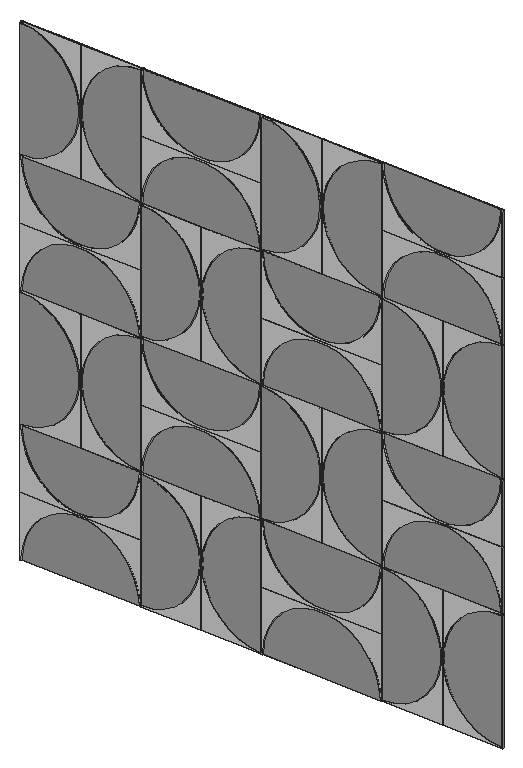
Revit family "SUR-CRK-014_RFA", category Modelos genéricos, Revit 2022
Family settings
  Puede alojar armadura = No
  Cota de conector redondo = Diámetro de uso
  Tipo de pieza = Normal
  Se basa en plano de trabajo = No
  Siempre vertical = Sí
  Corte con vacíos al cargar = No
  Mantener orientación de anotación = No
  Compartido = No
  Punto de cálculo de habitación = No
Parameters
  Elevación por defecto = 0.00"
Reference planes (in)
  plane 1 "Centro (Frontal/Posterior)": y = 0
  plane 2: z = 0
  plane 3 "Centro (Izquierda/Derecha)": x = 0
Forms (in)
  Extrusion 1, solid
    sketch origin (0, 0, 0) x (1, 0, 0) y (0, 0, 1)
      loop
        arc (0, 72.25) -> (11.75, 84) -> (0, 95.75) r 11.75
        line (0, 95.75) -> (0, 72.25)
    from 0.11811 to 0.31496
  Extrusion 2, solid
    sketch origin (0, 0, 0) x (1, 0, 0) y (0, 0, 1)
      loop
        line (0, 96) -> (0, 95.75)
        arc (0, 95.75) -> (11.75, 84) -> (0, 72.25) r 11.75
        line (0, 72.25) -> (0, 72) -> (12, 72) -> (12, 96) -> (0, 96)
    from 0.11811 to 0.23622
  Extrusion 3, solid
    sketch origin (0, 0, 0) x (1, 0, 0) y (0, 0, 1)
      loop
        line (0, 96) -> (0, 72) -> (12, 72) -> (12, 96) -> (0, 96)
    from 0 to 0.11811
  Extrusion 4, solid, not visible
    sketch origin (0, 0, 0) x (1, 0, 0) y (0, 0, 1)
      loop
        arc (0, 72.25) -> (11.75, 84) -> (0, 95.75) r 11.75
        line (0, 95.75) -> (0, 72.25)
    from 0.11811 to 0.31496
  Extrusion 5, solid, not visible
    sketch origin (0, 0, 0) x (1, 0, 0) y (0, 0, 1)
      loop
        line (0, 96) -> (0, 95.75)
        arc (0, 95.75) -> (11.75, 84) -> (0, 72.25) r 11.75
        line (0, 72.25) -> (0, 72) -> (12, 72) -> (12, 96) -> (0, 96)
    from 0.11811 to 0.23622
  Extrusion 6, solid, not visible
    sketch origin (0, 0, 0) x (1, 0, 0) y (0, 0, 1)
      loop
        line (0, 96) -> (0, 72) -> (12, 72) -> (12, 96) -> (0, 96)
    from 0 to 0.11811
  Extrusion 7, solid
    sketch origin (0, 0, 0) x (1, 0, 0) y (0, 0, 1)
      loop
        line (24, 72.25) -> (24, 95.75)
        arc (24, 95.75) -> (12.25, 84) -> (24, 72.25) r 11.75
    from 0.11811 to 0.31496
  Extrusion 8, solid
    sketch origin (0, 0, 0) x (1, 0, 0) y (0, 0, 1)
      loop
        line (24, 96) -> (12, 96) -> (12, 72) -> (24, 72) -> (24, 72.25)
        arc (24, 72.25) -> (12.25, 84) -> (24, 95.75) r 11.75
        line (24, 95.75) -> (24, 96)
    from 0.11811 to 0.23622
  Extrusion 9, solid
    sketch origin (0, 0, 0) x (1, 0, 0) y (0, 0, 1)
      loop
        line (24, 96) -> (12, 96) -> (12, 72) -> (24, 72) -> (24, 96)
    from 0 to 0.11811
  Extrusion 10, solid
    sketch origin (120, 0, 72) x (0, 0, 1) y (-1, 0, 0)
      loop
        line (24, 72.25) -> (24, 95.75)
        arc (24, 95.75) -> (12.25, 84) -> (24, 72.25) r 11.75
    from 0.11811 to 0.23622
  Extrusion 11, solid
    sketch origin (120, 0, 72) x (0, 0, 1) y (-1, 0, 0)
      loop
        line (24, 96) -> (12, 96) -> (12, 72) -> (24, 72) -> (24, 72.25)
        arc (24, 72.25) -> (12.25, 84) -> (24, 95.75) r 11.75
        line (24, 95.75) -> (24, 96)
    from 0.11811 to 0.31496
  Extrusion 12, solid
    sketch origin (120, 0, 72) x (0, 0, 1) y (-1, 0, 0)
      loop
        line (24, 96) -> (12, 96) -> (12, 72) -> (24, 72) -> (24, 96)
    from 0 to 0.11811
  Extrusion 13, solid, not visible
    sketch origin (120, 0, 72) x (0, 0, 1) y (-1, 0, 0)
      loop
        line (24, 72.25) -> (24, 95.75)
        arc (24, 95.75) -> (12.25, 84) -> (24, 72.25) r 11.75
    from 0.11811 to 0.23622
  Extrusion 14, solid, not visible
    sketch origin (120, 0, 72) x (0, 0, 1) y (-1, 0, 0)
      loop
        line (24, 96) -> (12, 96) -> (12, 72) -> (24, 72) -> (24, 72.25)
        arc (24, 72.25) -> (12.25, 84) -> (24, 95.75) r 11.75
        line (24, 95.75) -> (24, 96)
    from 0.11811 to 0.31496
  Extrusion 15, solid, not visible
    sketch origin (120, 0, 72) x (0, 0, 1) y (-1, 0, 0)
      loop
        line (24, 96) -> (12, 96) -> (12, 72) -> (24, 72) -> (24, 96)
    from 0 to 0.11811
  Extrusion 16, solid
    sketch origin (120, 0, 72) x (0, 0, 1) y (-1, 0, 0)
      loop
        arc (0, 72.25) -> (11.75, 84) -> (0, 95.75) r 11.75
        line (0, 95.75) -> (0, 72.25)
    from 0.11811 to 0.23622
  Extrusion 17, solid
    sketch origin (120, 0, 72) x (0, 0, 1) y (-1, 0, 0)
      loop
        line (0, 96) -> (0, 95.75)
        arc (0, 95.75) -> (11.75, 84) -> (0, 72.25) r 11.75
        line (0, 72.25) -> (0, 72) -> (12, 72) -> (12, 96) -> (0, 96)
    from 0.11811 to 0.31496
  Extrusion 18, solid
    sketch origin (120, 0, 72) x (0, 0, 1) y (-1, 0, 0)
      loop
        line (0, 96) -> (0, 72) -> (12, 72) -> (12, 96) -> (0, 96)
    from 0 to 0.11811
  Extrusion 19, solid
    sketch origin (48, 0, 0) x (1, 0, 0) y (0, 0, 1)
      loop
        arc (0, 72.25) -> (11.75, 84) -> (0, 95.75) r 11.75
        line (0, 95.75) -> (0, 72.25)
    from 0.11811 to 0.31496
  Extrusion 20, solid
    sketch origin (48, 0, 0) x (1, 0, 0) y (0, 0, 1)
      loop
        line (0, 96) -> (0, 95.75)
        arc (0, 95.75) -> (11.75, 84) -> (0, 72.25) r 11.75
        line (0, 72.25) -> (0, 72) -> (12, 72) -> (12, 96) -> (0, 96)
    from 0.11811 to 0.23622
  Extrusion 21, solid
    sketch origin (48, 0, 0) x (1, 0, 0) y (0, 0, 1)
      loop
        line (0, 96) -> (0, 72) -> (12, 72) -> (12, 96) -> (0, 96)
    from 0 to 0.11811
  Extrusion 22, solid
    sketch origin (48, 0, 0) x (1, 0, 0) y (0, 0, 1)
      loop
        line (24, 72.25) -> (24, 95.75)
        arc (24, 95.75) -> (12.25, 84) -> (24, 72.25) r 11.75
    from 0.11811 to 0.31496
  Extrusion 23, solid
    sketch origin (48, 0, 0) x (1, 0, 0) y (0, 0, 1)
      loop
        line (24, 96) -> (12, 96) -> (12, 72) -> (24, 72) -> (24, 72.25)
        arc (24, 72.25) -> (12.25, 84) -> (24, 95.75) r 11.75
        line (24, 95.75) -> (24, 96)
    from 0.11811 to 0.23622
  Extrusion 24, solid
    sketch origin (48, 0, 0) x (1, 0, 0) y (0, 0, 1)
      loop
        line (24, 96) -> (12, 96) -> (12, 72) -> (24, 72) -> (24, 96)
    from 0 to 0.11811
  Extrusion 25, solid
    sketch origin (168, 0, 72) x (0, 0, 1) y (-1, 0, 0)
      loop
        line (24, 72.25) -> (24, 95.75)
        arc (24, 95.75) -> (12.25, 84) -> (24, 72.25) r 11.75
    from 0.11811 to 0.23622
  Extrusion 26, solid
    sketch origin (168, 0, 72) x (0, 0, 1) y (-1, 0, 0)
      loop
        line (24, 96) -> (12, 96) -> (12, 72) -> (24, 72) -> (24, 72.25)
        arc (24, 72.25) -> (12.25, 84) -> (24, 95.75) r 11.75
        line (24, 95.75) -> (24, 96)
    from 0.11811 to 0.31496
  Extrusion 27, solid
    sketch origin (168, 0, 72) x (0, 0, 1) y (-1, 0, 0)
      loop
        line (24, 96) -> (12, 96) -> (12, 72) -> (24, 72) -> (24, 96)
    from 0 to 0.11811
  Extrusion 28, solid
    sketch origin (168, 0, 72) x (0, 0, 1) y (-1, 0, 0)
      loop
        arc (0, 72.25) -> (11.75, 84) -> (0, 95.75) r 11.75
        line (0, 95.75) -> (0, 72.25)
    from 0.11811 to 0.23622
  Extrusion 29, solid
    sketch origin (168, 0, 72) x (0, 0, 1) y (-1, 0, 0)
      loop
        line (0, 96) -> (0, 95.75)
        arc (0, 95.75) -> (11.75, 84) -> (0, 72.25) r 11.75
        line (0, 72.25) -> (0, 72) -> (12, 72) -> (12, 96) -> (0, 96)
    from 0.11811 to 0.31496
  Extrusion 30, solid
    sketch origin (168, 0, 72) x (0, 0, 1) y (-1, 0, 0)
      loop
        line (0, 96) -> (0, 72) -> (12, 72) -> (12, 96) -> (0, 96)
    from 0 to 0.11811
  Extrusion 31, solid
    sketch origin (96, 0, 48) x (0, 0, 1) y (-1, 0, 0)
      loop
        line (24, 72.25) -> (24, 95.75)
        arc (24, 95.75) -> (12.25, 84) -> (24, 72.25) r 11.75
    from 0.11811 to 0.23622
  Extrusion 32, solid
    sketch origin (96, 0, 48) x (0, 0, 1) y (-1, 0, 0)
      loop
        line (24, 96) -> (12, 96) -> (12, 72) -> (24, 72) -> (24, 72.25)
        arc (24, 72.25) -> (12.25, 84) -> (24, 95.75) r 11.75
        line (24, 95.75) -> (24, 96)
    from 0.11811 to 0.31496
  Extrusion 33, solid
    sketch origin (96, 0, 48) x (0, 0, 1) y (-1, 0, 0)
      loop
        line (24, 96) -> (12, 96) -> (12, 72) -> (24, 72) -> (24, 96)
    from 0 to 0.11811
  Extrusion 34, solid
    sketch origin (96, 0, 48) x (0, 0, 1) y (-1, 0, 0)
      loop
        arc (0, 72.25) -> (11.75, 84) -> (0, 95.75) r 11.75
        line (0, 95.75) -> (0, 72.25)
    from 0.11811 to 0.23622
  Extrusion 35, solid
    sketch origin (96, 0, 48) x (0, 0, 1) y (-1, 0, 0)
      loop
        line (0, 96) -> (0, 95.75)
        arc (0, 95.75) -> (11.75, 84) -> (0, 72.25) r 11.75
        line (0, 72.25) -> (0, 72) -> (12, 72) -> (12, 96) -> (0, 96)
    from 0.11811 to 0.31496
  Extrusion 36, solid
    sketch origin (96, 0, 48) x (0, 0, 1) y (-1, 0, 0)
      loop
        line (0, 96) -> (0, 72) -> (12, 72) -> (12, 96) -> (0, 96)
    from 0 to 0.11811
  Extrusion 37, solid
    sketch origin (24, 0, -24) x (1, 0, 0) y (0, 0, 1)
      loop
        arc (0, 72.25) -> (11.75, 84) -> (0, 95.75) r 11.75
        line (0, 95.75) -> (0, 72.25)
    from 0.11811 to 0.31496
  Extrusion 38, solid
    sketch origin (24, 0, -24) x (1, 0, 0) y (0, 0, 1)
      loop
        line (0, 96) -> (0, 95.75)
        arc (0, 95.75) -> (11.75, 84) -> (0, 72.25) r 11.75
        line (0, 72.25) -> (0, 72) -> (12, 72) -> (12, 96) -> (0, 96)
    from 0.11811 to 0.23622
  Extrusion 39, solid
    sketch origin (24, 0, -24) x (1, 0, 0) y (0, 0, 1)
      loop
        line (0, 96) -> (0, 72) -> (12, 72) -> (12, 96) -> (0, 96)
    from 0 to 0.11811
  Extrusion 40, solid
    sketch origin (24, 0, -24) x (1, 0, 0) y (0, 0, 1)
      loop
        line (24, 72.25) -> (24, 95.75)
        arc (24, 95.75) -> (12.25, 84) -> (24, 72.25) r 11.75
    from 0.11811 to 0.31496
  Extrusion 41, solid
    sketch origin (24, 0, -24) x (1, 0, 0) y (0, 0, 1)
      loop
        line (24, 96) -> (12, 96) -> (12, 72) -> (24, 72) -> (24, 72.25)
        arc (24, 72.25) -> (12.25, 84) -> (24, 95.75) r 11.75
        line (24, 95.75) -> (24, 96)
    from 0.11811 to 0.23622
  Extrusion 42, solid
    sketch origin (24, 0, -24) x (1, 0, 0) y (0, 0, 1)
      loop
        line (24, 96) -> (12, 96) -> (12, 72) -> (24, 72) -> (24, 96)
    from 0 to 0.11811
  Extrusion 43, solid
    sketch origin (144, 0, 48) x (0, 0, 1) y (-1, 0, 0)
      loop
        line (24, 72.25) -> (24, 95.75)
        arc (24, 95.75) -> (12.25, 84) -> (24, 72.25) r 11.75
    from 0.11811 to 0.23622
  Extrusion 44, solid
    sketch origin (144, 0, 48) x (0, 0, 1) y (-1, 0, 0)
      loop
        line (24, 96) -> (12, 96) -> (12, 72) -> (24, 72) -> (24, 72.25)
        arc (24, 72.25) -> (12.25, 84) -> (24, 95.75) r 11.75
        line (24, 95.75) -> (24, 96)
    from 0.11811 to 0.31496
  Extrusion 45, solid
    sketch origin (144, 0, 48) x (0, 0, 1) y (-1, 0, 0)
      loop
        line (24, 96) -> (12, 96) -> (12, 72) -> (24, 72) -> (24, 96)
    from 0 to 0.11811
  Extrusion 46, solid
    sketch origin (144, 0, 48) x (0, 0, 1) y (-1, 0, 0)
      loop
        arc (0, 72.25) -> (11.75, 84) -> (0, 95.75) r 11.75
        line (0, 95.75) -> (0, 72.25)
    from 0.11811 to 0.23622
  Extrusion 47, solid
    sketch origin (144, 0, 48) x (0, 0, 1) y (-1, 0, 0)
      loop
        line (0, 96) -> (0, 95.75)
        arc (0, 95.75) -> (11.75, 84) -> (0, 72.25) r 11.75
        line (0, 72.25) -> (0, 72) -> (12, 72) -> (12, 96) -> (0, 96)
    from 0.11811 to 0.31496
  Extrusion 48, solid
    sketch origin (144, 0, 48) x (0, 0, 1) y (-1, 0, 0)
      loop
        line (0, 96) -> (0, 72) -> (12, 72) -> (12, 96) -> (0, 96)
    from 0 to 0.11811
  Extrusion 49, solid
    sketch origin (72, 0, -24) x (1, 0, 0) y (0, 0, 1)
      loop
        arc (0, 72.25) -> (11.75, 84) -> (0, 95.75) r 11.75
        line (0, 95.75) -> (0, 72.25)
    from 0.11811 to 0.31496
  Extrusion 50, solid
    sketch origin (72, 0, -24) x (1, 0, 0) y (0, 0, 1)
      loop
        line (0, 96) -> (0, 95.75)
        arc (0, 95.75) -> (11.75, 84) -> (0, 72.25) r 11.75
        line (0, 72.25) -> (0, 72) -> (12, 72) -> (12, 96) -> (0, 96)
    from 0.11811 to 0.23622
  Extrusion 51, solid
    sketch origin (72, 0, -24) x (1, 0, 0) y (0, 0, 1)
      loop
        line (0, 96) -> (0, 72) -> (12, 72) -> (12, 96) -> (0, 96)
    from 0 to 0.11811
  Extrusion 52, solid
    sketch origin (72, 0, -24) x (1, 0, 0) y (0, 0, 1)
      loop
        line (24, 72.25) -> (24, 95.75)
        arc (24, 95.75) -> (12.25, 84) -> (24, 72.25) r 11.75
    from 0.11811 to 0.31496
  Extrusion 53, solid
    sketch origin (72, 0, -24) x (1, 0, 0) y (0, 0, 1)
      loop
        line (24, 96) -> (12, 96) -> (12, 72) -> (24, 72) -> (24, 72.25)
        arc (24, 72.25) -> (12.25, 84) -> (24, 95.75) r 11.75
        line (24, 95.75) -> (24, 96)
    from 0.11811 to 0.23622
  Extrusion 54, solid
    sketch origin (72, 0, -24) x (1, 0, 0) y (0, 0, 1)
      loop
        line (24, 96) -> (12, 96) -> (12, 72) -> (24, 72) -> (24, 96)
    from 0 to 0.11811
  Extrusion 55, solid
    sketch origin (0, 0, -48) x (1, 0, 0) y (0, 0, 1)
      loop
        arc (0, 72.25) -> (11.75, 84) -> (0, 95.75) r 11.75
        line (0, 95.75) -> (0, 72.25)
    from 0.11811 to 0.31496
  Extrusion 56, solid
    sketch origin (0, 0, -48) x (1, 0, 0) y (0, 0, 1)
      loop
        line (0, 96) -> (0, 95.75)
        arc (0, 95.75) -> (11.75, 84) -> (0, 72.25) r 11.75
        line (0, 72.25) -> (0, 72) -> (12, 72) -> (12, 96) -> (0, 96)
    from 0.11811 to 0.23622
  Extrusion 57, solid
    sketch origin (0, 0, -48) x (1, 0, 0) y (0, 0, 1)
      loop
        line (0, 96) -> (0, 72) -> (12, 72) -> (12, 96) -> (0, 96)
    from 0 to 0.11811
  Extrusion 58, solid
    sketch origin (0, 0, -48) x (1, 0, 0) y (0, 0, 1)
      loop
        line (24, 72.25) -> (24, 95.75)
        arc (24, 95.75) -> (12.25, 84) -> (24, 72.25) r 11.75
    from 0.11811 to 0.31496
  Extrusion 59, solid
    sketch origin (0, 0, -48) x (1, 0, 0) y (0, 0, 1)
      loop
        line (24, 96) -> (12, 96) -> (12, 72) -> (24, 72) -> (24, 72.25)
        arc (24, 72.25) -> (12.25, 84) -> (24, 95.75) r 11.75
        line (24, 95.75) -> (24, 96)
    from 0.11811 to 0.23622
  Extrusion 60, solid
    sketch origin (0, 0, -48) x (1, 0, 0) y (0, 0, 1)
      loop
        line (24, 96) -> (12, 96) -> (12, 72) -> (24, 72) -> (24, 96)
    from 0 to 0.11811
  Extrusion 61, solid
    sketch origin (120, 0, 24) x (0, 0, 1) y (-1, 0, 0)
      loop
        line (24, 72.25) -> (24, 95.75)
        arc (24, 95.75) -> (12.25, 84) -> (24, 72.25) r 11.75
    from 0.11811 to 0.23622
  Extrusion 62, solid
    sketch origin (120, 0, 24) x (0, 0, 1) y (-1, 0, 0)
      loop
        line (24, 96) -> (12, 96) -> (12, 72) -> (24, 72) -> (24, 72.25)
        arc (24, 72.25) -> (12.25, 84) -> (24, 95.75) r 11.75
        line (24, 95.75) -> (24, 96)
    from 0.11811 to 0.31496
  Extrusion 63, solid
    sketch origin (120, 0, 24) x (0, 0, 1) y (-1, 0, 0)
      loop
        line (24, 96) -> (12, 96) -> (12, 72) -> (24, 72) -> (24, 96)
    from 0 to 0.11811
  Extrusion 64, solid
    sketch origin (120, 0, 24) x (0, 0, 1) y (-1, 0, 0)
      loop
        arc (0, 72.25) -> (11.75, 84) -> (0, 95.75) r 11.75
        line (0, 95.75) -> (0, 72.25)
    from 0.11811 to 0.23622
  Extrusion 65, solid
    sketch origin (120, 0, 24) x (0, 0, 1) y (-1, 0, 0)
      loop
        line (0, 96) -> (0, 95.75)
        arc (0, 95.75) -> (11.75, 84) -> (0, 72.25) r 11.75
        line (0, 72.25) -> (0, 72) -> (12, 72) -> (12, 96) -> (0, 96)
    from 0.11811 to 0.31496
  Extrusion 66, solid
    sketch origin (120, 0, 24) x (0, 0, 1) y (-1, 0, 0)
      loop
        line (0, 96) -> (0, 72) -> (12, 72) -> (12, 96) -> (0, 96)
    from 0 to 0.11811
  Extrusion 67, solid
    sketch origin (48, 0, -48) x (1, 0, 0) y (0, 0, 1)
      loop
        arc (0, 72.25) -> (11.75, 84) -> (0, 95.75) r 11.75
        line (0, 95.75) -> (0, 72.25)
    from 0.11811 to 0.31496
  Extrusion 68, solid
    sketch origin (48, 0, -48) x (1, 0, 0) y (0, 0, 1)
      loop
        line (0, 96) -> (0, 95.75)
        arc (0, 95.75) -> (11.75, 84) -> (0, 72.25) r 11.75
        line (0, 72.25) -> (0, 72) -> (12, 72) -> (12, 96) -> (0, 96)
    from 0.11811 to 0.23622
  Extrusion 69, solid
    sketch origin (48, 0, -48) x (1, 0, 0) y (0, 0, 1)
      loop
        line (0, 96) -> (0, 72) -> (12, 72) -> (12, 96) -> (0, 96)
    from 0 to 0.11811
  Extrusion 70, solid
    sketch origin (48, 0, -48) x (1, 0, 0) y (0, 0, 1)
      loop
        line (24, 72.25) -> (24, 95.75)
        arc (24, 95.75) -> (12.25, 84) -> (24, 72.25) r 11.75
    from 0.11811 to 0.31496
  Extrusion 71, solid
    sketch origin (48, 0, -48) x (1, 0, 0) y (0, 0, 1)
      loop
        line (24, 96) -> (12, 96) -> (12, 72) -> (24, 72) -> (24, 72.25)
        arc (24, 72.25) -> (12.25, 84) -> (24, 95.75) r 11.75
        line (24, 95.75) -> (24, 96)
    from 0.11811 to 0.23622
  Extrusion 72, solid
    sketch origin (48, 0, -48) x (1, 0, 0) y (0, 0, 1)
      loop
        line (24, 96) -> (12, 96) -> (12, 72) -> (24, 72) -> (24, 96)
    from 0 to 0.11811
  Extrusion 73, solid
    sketch origin (168, 0, 24) x (0, 0, 1) y (-1, 0, 0)
      loop
        line (24, 72.25) -> (24, 95.75)
        arc (24, 95.75) -> (12.25, 84) -> (24, 72.25) r 11.75
    from 0.11811 to 0.23622
  Extrusion 74, solid
    sketch origin (168, 0, 24) x (0, 0, 1) y (-1, 0, 0)
      loop
        line (24, 96) -> (12, 96) -> (12, 72) -> (24, 72) -> (24, 72.25)
        arc (24, 72.25) -> (12.25, 84) -> (24, 95.75) r 11.75
        line (24, 95.75) -> (24, 96)
    from 0.11811 to 0.31496
  Extrusion 75, solid
    sketch origin (168, 0, 24) x (0, 0, 1) y (-1, 0, 0)
      loop
        line (24, 96) -> (12, 96) -> (12, 72) -> (24, 72) -> (24, 96)
    from 0 to 0.11811
  Extrusion 76, solid
    sketch origin (168, 0, 24) x (0, 0, 1) y (-1, 0, 0)
      loop
        arc (0, 72.25) -> (11.75, 84) -> (0, 95.75) r 11.75
        line (0, 95.75) -> (0, 72.25)
    from 0.11811 to 0.23622
  Extrusion 77, solid
    sketch origin (168, 0, 24) x (0, 0, 1) y (-1, 0, 0)
      loop
        line (0, 96) -> (0, 95.75)
        arc (0, 95.75) -> (11.75, 84) -> (0, 72.25) r 11.75
        line (0, 72.25) -> (0, 72) -> (12, 72) -> (12, 96) -> (0, 96)
    from 0.11811 to 0.31496
  Extrusion 78, solid
    sketch origin (168, 0, 24) x (0, 0, 1) y (-1, 0, 0)
      loop
        line (0, 96) -> (0, 72) -> (12, 72) -> (12, 96) -> (0, 96)
    from 0 to 0.11811
  Extrusion 79, solid
    sketch origin (96, 0, 0) x (0, 0, 1) y (-1, 0, 0)
      loop
        line (24, 72.25) -> (24, 95.75)
        arc (24, 95.75) -> (12.25, 84) -> (24, 72.25) r 11.75
    from 0.11811 to 0.23622
  Extrusion 80, solid
    sketch origin (96, 0, 0) x (0, 0, 1) y (-1, 0, 0)
      loop
        line (24, 96) -> (12, 96) -> (12, 72) -> (24, 72) -> (24, 72.25)
        arc (24, 72.25) -> (12.25, 84) -> (24, 95.75) r 11.75
        line (24, 95.75) -> (24, 96)
    from 0.11811 to 0.31496
  Extrusion 81, solid
    sketch origin (96, 0, 0) x (0, 0, 1) y (-1, 0, 0)
      loop
        line (24, 96) -> (12, 96) -> (12, 72) -> (24, 72) -> (24, 96)
    from 0 to 0.11811
  Extrusion 82, solid
    sketch origin (96, 0, 0) x (0, 0, 1) y (-1, 0, 0)
      loop
        arc (0, 72.25) -> (11.75, 84) -> (0, 95.75) r 11.75
        line (0, 95.75) -> (0, 72.25)
    from 0.11811 to 0.23622
  Extrusion 83, solid
    sketch origin (96, 0, 0) x (0, 0, 1) y (-1, 0, 0)
      loop
        line (0, 96) -> (0, 95.75)
        arc (0, 95.75) -> (11.75, 84) -> (0, 72.25) r 11.75
        line (0, 72.25) -> (0, 72) -> (12, 72) -> (12, 96) -> (0, 96)
    from 0.11811 to 0.31496
  Extrusion 84, solid
    sketch origin (96, 0, 0) x (0, 0, 1) y (-1, 0, 0)
      loop
        line (0, 96) -> (0, 72) -> (12, 72) -> (12, 96) -> (0, 96)
    from 0 to 0.11811
  Extrusion 85, solid
    sketch origin (24, 0, -72) x (1, 0, 0) y (0, 0, 1)
      loop
        arc (0, 72.25) -> (11.75, 84) -> (0, 95.75) r 11.75
        line (0, 95.75) -> (0, 72.25)
    from 0.11811 to 0.31496
  Extrusion 86, solid
    sketch origin (24, 0, -72) x (1, 0, 0) y (0, 0, 1)
      loop
        line (0, 96) -> (0, 95.75)
        arc (0, 95.75) -> (11.75, 84) -> (0, 72.25) r 11.75
        line (0, 72.25) -> (0, 72) -> (12, 72) -> (12, 96) -> (0, 96)
    from 0.11811 to 0.23622
  Extrusion 87, solid
    sketch origin (24, 0, -72) x (1, 0, 0) y (0, 0, 1)
      loop
        line (0, 96) -> (0, 72) -> (12, 72) -> (12, 96) -> (0, 96)
    from 0 to 0.11811
  Extrusion 88, solid
    sketch origin (24, 0, -72) x (1, 0, 0) y (0, 0, 1)
      loop
        line (24, 72.25) -> (24, 95.75)
        arc (24, 95.75) -> (12.25, 84) -> (24, 72.25) r 11.75
    from 0.11811 to 0.31496
  Extrusion 89, solid
    sketch origin (24, 0, -72) x (1, 0, 0) y (0, 0, 1)
      loop
        line (24, 96) -> (12, 96) -> (12, 72) -> (24, 72) -> (24, 72.25)
        arc (24, 72.25) -> (12.25, 84) -> (24, 95.75) r 11.75
        line (24, 95.75) -> (24, 96)
    from 0.11811 to 0.23622
  Extrusion 90, solid
    sketch origin (24, 0, -72) x (1, 0, 0) y (0, 0, 1)
      loop
        line (24, 96) -> (12, 96) -> (12, 72) -> (24, 72) -> (24, 96)
    from 0 to 0.11811
  Extrusion 91, solid
    sketch origin (144, 0, 0) x (0, 0, 1) y (-1, 0, 0)
      loop
        line (24, 72.25) -> (24, 95.75)
        arc (24, 95.75) -> (12.25, 84) -> (24, 72.25) r 11.75
    from 0.11811 to 0.23622
  Extrusion 92, solid
    sketch origin (144, 0, 0) x (0, 0, 1) y (-1, 0, 0)
      loop
        line (24, 96) -> (12, 96) -> (12, 72) -> (24, 72) -> (24, 72.25)
        arc (24, 72.25) -> (12.25, 84) -> (24, 95.75) r 11.75
        line (24, 95.75) -> (24, 96)
    from 0.11811 to 0.31496
  Extrusion 93, solid
    sketch origin (144, 0, 0) x (0, 0, 1) y (-1, 0, 0)
      loop
        line (24, 96) -> (12, 96) -> (12, 72) -> (24, 72) -> (24, 96)
    from 0 to 0.11811
  Extrusion 94, solid
    sketch origin (144, 0, 0) x (0, 0, 1) y (-1, 0, 0)
      loop
        arc (0, 72.25) -> (11.75, 84) -> (0, 95.75) r 11.75
        line (0, 95.75) -> (0, 72.25)
    from 0.11811 to 0.23622
  Extrusion 95, solid
    sketch origin (144, 0, 0) x (0, 0, 1) y (-1, 0, 0)
      loop
        line (0, 96) -> (0, 95.75)
        arc (0, 95.75) -> (11.75, 84) -> (0, 72.25) r 11.75
        line (0, 72.25) -> (0, 72) -> (12, 72) -> (12, 96) -> (0, 96)
    from 0.11811 to 0.31496
  Extrusion 96, solid
    sketch origin (144, 0, 0) x (0, 0, 1) y (-1, 0, 0)
      loop
        line (0, 96) -> (0, 72) -> (12, 72) -> (12, 96) -> (0, 96)
    from 0 to 0.11811
  Extrusion 97, solid
    sketch origin (72, 0, -72) x (1, 0, 0) y (0, 0, 1)
      loop
        arc (0, 72.25) -> (11.75, 84) -> (0, 95.75) r 11.75
        line (0, 95.75) -> (0, 72.25)
    from 0.11811 to 0.31496
  Extrusion 98, solid
    sketch origin (72, 0, -72) x (1, 0, 0) y (0, 0, 1)
      loop
        line (0, 96) -> (0, 95.75)
        arc (0, 95.75) -> (11.75, 84) -> (0, 72.25) r 11.75
        line (0, 72.25) -> (0, 72) -> (12, 72) -> (12, 96) -> (0, 96)
    from 0.11811 to 0.23622
  Extrusion 99, solid
    sketch origin (72, 0, -72) x (1, 0, 0) y (0, 0, 1)
      loop
        line (0, 96) -> (0, 72) -> (12, 72) -> (12, 96) -> (0, 96)
    from 0 to 0.11811
  Extrusion 100, solid
    sketch origin (72, 0, -72) x (1, 0, 0) y (0, 0, 1)
      loop
        line (24, 72.25) -> (24, 95.75)
        arc (24, 95.75) -> (12.25, 84) -> (24, 72.25) r 11.75
    from 0.11811 to 0.31496
  Extrusion 101, solid
    sketch origin (72, 0, -72) x (1, 0, 0) y (0, 0, 1)
      loop
        line (24, 96) -> (12, 96) -> (12, 72) -> (24, 72) -> (24, 72.25)
        arc (24, 72.25) -> (12.25, 84) -> (24, 95.75) r 11.75
        line (24, 95.75) -> (24, 96)
    from 0.11811 to 0.23622
  Extrusion 102, solid
    sketch origin (72, 0, -72) x (1, 0, 0) y (0, 0, 1)
      loop
        line (24, 96) -> (12, 96) -> (12, 72) -> (24, 72) -> (24, 96)
    from 0 to 0.11811
  Extrusion 103, solid, not visible
    sketch origin (0, 0, 0) x (1, 0, 0) y (0, 0, 1)
      loop
        arc (0, 72.25) -> (11.75, 84) -> (0, 95.75) r 11.75
        line (0, 95.75) -> (0, 72.25)
    from 0.11811 to 0.31496
  Extrusion 104, solid, not visible
    sketch origin (0, 0, 0) x (1, 0, 0) y (0, 0, 1)
      loop
        line (0, 96) -> (0, 95.75)
        arc (0, 95.75) -> (11.75, 84) -> (0, 72.25) r 11.75
        line (0, 72.25) -> (0, 72) -> (12, 72) -> (12, 96) -> (0, 96)
    from 0.11811 to 0.23622
  Extrusion 105, solid, not visible
    sketch origin (0, 0, 0) x (1, 0, 0) y (0, 0, 1)
      loop
        line (0, 96) -> (0, 72) -> (12, 72) -> (12, 96) -> (0, 96)
    from 0 to 0.11811
  Extrusion 106, solid, not visible
    sketch origin (0, 0, 0) x (1, 0, 0) y (0, 0, 1)
      loop
        line (24, 72.25) -> (24, 95.75)
        arc (24, 95.75) -> (12.25, 84) -> (24, 72.25) r 11.75
    from 0.11811 to 0.31496
  Extrusion 107, solid, not visible
    sketch origin (0, 0, 0) x (1, 0, 0) y (0, 0, 1)
      loop
        line (24, 96) -> (12, 96) -> (12, 72) -> (24, 72) -> (24, 72.25)
        arc (24, 72.25) -> (12.25, 84) -> (24, 95.75) r 11.75
        line (24, 95.75) -> (24, 96)
    from 0.11811 to 0.23622
  Extrusion 108, solid, not visible
    sketch origin (0, 0, 0) x (1, 0, 0) y (0, 0, 1)
      loop
        line (24, 96) -> (12, 96) -> (12, 72) -> (24, 72) -> (24, 96)
    from 0 to 0.11811
  Extrusion 109, solid, not visible
    sketch origin (120, 0, 72) x (0, 0, 1) y (-1, 0, 0)
      loop
        line (24, 72.25) -> (24, 95.75)
        arc (24, 95.75) -> (12.25, 84) -> (24, 72.25) r 11.75
    from 0.11811 to 0.23622
  Extrusion 110, solid, not visible
    sketch origin (120, 0, 72) x (0, 0, 1) y (-1, 0, 0)
      loop
        line (24, 96) -> (12, 96) -> (12, 72) -> (24, 72) -> (24, 72.25)
        arc (24, 72.25) -> (12.25, 84) -> (24, 95.75) r 11.75
        line (24, 95.75) -> (24, 96)
    from 0.11811 to 0.31496
  Extrusion 111, solid, not visible
    sketch origin (120, 0, 72) x (0, 0, 1) y (-1, 0, 0)
      loop
        line (24, 96) -> (12, 96) -> (12, 72) -> (24, 72) -> (24, 96)
    from 0 to 0.11811
  Extrusion 112, solid, not visible
    sketch origin (120, 0, 72) x (0, 0, 1) y (-1, 0, 0)
      loop
        arc (0, 72.25) -> (11.75, 84) -> (0, 95.75) r 11.75
        line (0, 95.75) -> (0, 72.25)
    from 0.11811 to 0.23622
  Extrusion 113, solid, not visible
    sketch origin (120, 0, 72) x (0, 0, 1) y (-1, 0, 0)
      loop
        line (0, 96) -> (0, 95.75)
        arc (0, 95.75) -> (11.75, 84) -> (0, 72.25) r 11.75
        line (0, 72.25) -> (0, 72) -> (12, 72) -> (12, 96) -> (0, 96)
    from 0.11811 to 0.31496
  Extrusion 114, solid, not visible
    sketch origin (120, 0, 72) x (0, 0, 1) y (-1, 0, 0)
      loop
        line (0, 96) -> (0, 72) -> (12, 72) -> (12, 96) -> (0, 96)
    from 0 to 0.11811
  Extrusion 115, solid, not visible
    sketch origin (48, 0, 0) x (1, 0, 0) y (0, 0, 1)
      loop
        arc (0, 72.25) -> (11.75, 84) -> (0, 95.75) r 11.75
        line (0, 95.75) -> (0, 72.25)
    from 0.11811 to 0.31496
  Extrusion 116, solid, not visible
    sketch origin (48, 0, 0) x (1, 0, 0) y (0, 0, 1)
      loop
        line (0, 96) -> (0, 95.75)
        arc (0, 95.75) -> (11.75, 84) -> (0, 72.25) r 11.75
        line (0, 72.25) -> (0, 72) -> (12, 72) -> (12, 96) -> (0, 96)
    from 0.11811 to 0.23622
  Extrusion 117, solid, not visible
    sketch origin (48, 0, 0) x (1, 0, 0) y (0, 0, 1)
      loop
        line (0, 96) -> (0, 72) -> (12, 72) -> (12, 96) -> (0, 96)
    from 0 to 0.11811
  Extrusion 118, solid, not visible
    sketch origin (48, 0, 0) x (1, 0, 0) y (0, 0, 1)
      loop
        line (24, 72.25) -> (24, 95.75)
        arc (24, 95.75) -> (12.25, 84) -> (24, 72.25) r 11.75
    from 0.11811 to 0.31496
  Extrusion 119, solid, not visible
    sketch origin (48, 0, 0) x (1, 0, 0) y (0, 0, 1)
      loop
        line (24, 96) -> (12, 96) -> (12, 72) -> (24, 72) -> (24, 72.25)
        arc (24, 72.25) -> (12.25, 84) -> (24, 95.75) r 11.75
        line (24, 95.75) -> (24, 96)
    from 0.11811 to 0.23622
  Extrusion 120, solid, not visible
    sketch origin (48, 0, 0) x (1, 0, 0) y (0, 0, 1)
      loop
        line (24, 96) -> (12, 96) -> (12, 72) -> (24, 72) -> (24, 96)
    from 0 to 0.11811
  Extrusion 121, solid, not visible
    sketch origin (168, 0, 72) x (0, 0, 1) y (-1, 0, 0)
      loop
        line (24, 72.25) -> (24, 95.75)
        arc (24, 95.75) -> (12.25, 84) -> (24, 72.25) r 11.75
    from 0.11811 to 0.23622
  Extrusion 122, solid, not visible
    sketch origin (168, 0, 72) x (0, 0, 1) y (-1, 0, 0)
      loop
        line (24, 96) -> (12, 96) -> (12, 72) -> (24, 72) -> (24, 72.25)
        arc (24, 72.25) -> (12.25, 84) -> (24, 95.75) r 11.75
        line (24, 95.75) -> (24, 96)
    from 0.11811 to 0.31496
  Extrusion 123, solid, not visible
    sketch origin (168, 0, 72) x (0, 0, 1) y (-1, 0, 0)
      loop
        line (24, 96) -> (12, 96) -> (12, 72) -> (24, 72) -> (24, 96)
    from 0 to 0.11811
  Extrusion 124, solid, not visible
    sketch origin (168, 0, 72) x (0, 0, 1) y (-1, 0, 0)
      loop
        arc (0, 72.25) -> (11.75, 84) -> (0, 95.75) r 11.75
        line (0, 95.75) -> (0, 72.25)
    from 0.11811 to 0.23622
  Extrusion 125, solid, not visible
    sketch origin (168, 0, 72) x (0, 0, 1) y (-1, 0, 0)
      loop
        line (0, 96) -> (0, 95.75)
        arc (0, 95.75) -> (11.75, 84) -> (0, 72.25) r 11.75
        line (0, 72.25) -> (0, 72) -> (12, 72) -> (12, 96) -> (0, 96)
    from 0.11811 to 0.31496
  Extrusion 126, solid, not visible
    sketch origin (168, 0, 72) x (0, 0, 1) y (-1, 0, 0)
      loop
        line (0, 96) -> (0, 72) -> (12, 72) -> (12, 96) -> (0, 96)
    from 0 to 0.11811
  Extrusion 127, solid, not visible
    sketch origin (96, 0, 48) x (0, 0, 1) y (-1, 0, 0)
      loop
        line (24, 72.25) -> (24, 95.75)
        arc (24, 95.75) -> (12.25, 84) -> (24, 72.25) r 11.75
    from 0.11811 to 0.23622
  Extrusion 128, solid, not visible
    sketch origin (96, 0, 48) x (0, 0, 1) y (-1, 0, 0)
      loop
        line (24, 96) -> (12, 96) -> (12, 72) -> (24, 72) -> (24, 72.25)
        arc (24, 72.25) -> (12.25, 84) -> (24, 95.75) r 11.75
        line (24, 95.75) -> (24, 96)
    from 0.11811 to 0.31496
  Extrusion 129, solid, not visible
    sketch origin (96, 0, 48) x (0, 0, 1) y (-1, 0, 0)
      loop
        line (24, 96) -> (12, 96) -> (12, 72) -> (24, 72) -> (24, 96)
    from 0 to 0.11811
  Extrusion 130, solid, not visible
    sketch origin (96, 0, 48) x (0, 0, 1) y (-1, 0, 0)
      loop
        arc (0, 72.25) -> (11.75, 84) -> (0, 95.75) r 11.75
        line (0, 95.75) -> (0, 72.25)
    from 0.11811 to 0.23622
  Extrusion 131, solid, not visible
    sketch origin (96, 0, 48) x (0, 0, 1) y (-1, 0, 0)
      loop
        line (0, 96) -> (0, 95.75)
        arc (0, 95.75) -> (11.75, 84) -> (0, 72.25) r 11.75
        line (0, 72.25) -> (0, 72) -> (12, 72) -> (12, 96) -> (0, 96)
    from 0.11811 to 0.31496
  Extrusion 132, solid, not visible
    sketch origin (96, 0, 48) x (0, 0, 1) y (-1, 0, 0)
      loop
        line (0, 96) -> (0, 72) -> (12, 72) -> (12, 96) -> (0, 96)
    from 0 to 0.11811
  Extrusion 133, solid, not visible
    sketch origin (24, 0, -24) x (1, 0, 0) y (0, 0, 1)
      loop
        arc (0, 72.25) -> (11.75, 84) -> (0, 95.75) r 11.75
        line (0, 95.75) -> (0, 72.25)
    from 0.11811 to 0.31496
  Extrusion 134, solid, not visible
    sketch origin (24, 0, -24) x (1, 0, 0) y (0, 0, 1)
      loop
        line (0, 96) -> (0, 95.75)
        arc (0, 95.75) -> (11.75, 84) -> (0, 72.25) r 11.75
        line (0, 72.25) -> (0, 72) -> (12, 72) -> (12, 96) -> (0, 96)
    from 0.11811 to 0.23622
  Extrusion 135, solid, not visible
    sketch origin (24, 0, -24) x (1, 0, 0) y (0, 0, 1)
      loop
        line (0, 96) -> (0, 72) -> (12, 72) -> (12, 96) -> (0, 96)
    from 0 to 0.11811
  Extrusion 136, solid, not visible
    sketch origin (24, 0, -24) x (1, 0, 0) y (0, 0, 1)
      loop
        line (24, 72.25) -> (24, 95.75)
        arc (24, 95.75) -> (12.25, 84) -> (24, 72.25) r 11.75
    from 0.11811 to 0.31496
  Extrusion 137, solid, not visible
    sketch origin (24, 0, -24) x (1, 0, 0) y (0, 0, 1)
      loop
        line (24, 96) -> (12, 96) -> (12, 72) -> (24, 72) -> (24, 72.25)
        arc (24, 72.25) -> (12.25, 84) -> (24, 95.75) r 11.75
        line (24, 95.75) -> (24, 96)
    from 0.11811 to 0.23622
  Extrusion 138, solid, not visible
    sketch origin (24, 0, -24) x (1, 0, 0) y (0, 0, 1)
      loop
        line (24, 96) -> (12, 96) -> (12, 72) -> (24, 72) -> (24, 96)
    from 0 to 0.11811
  Extrusion 139, solid, not visible
    sketch origin (144, 0, 48) x (0, 0, 1) y (-1, 0, 0)
      loop
        line (24, 72.25) -> (24, 95.75)
        arc (24, 95.75) -> (12.25, 84) -> (24, 72.25) r 11.75
    from 0.11811 to 0.23622
  Extrusion 140, solid, not visible
    sketch origin (144, 0, 48) x (0, 0, 1) y (-1, 0, 0)
      loop
        line (24, 96) -> (12, 96) -> (12, 72) -> (24, 72) -> (24, 72.25)
        arc (24, 72.25) -> (12.25, 84) -> (24, 95.75) r 11.75
        line (24, 95.75) -> (24, 96)
    from 0.11811 to 0.31496
  Extrusion 141, solid, not visible
    sketch origin (144, 0, 48) x (0, 0, 1) y (-1, 0, 0)
      loop
        line (24, 96) -> (12, 96) -> (12, 72) -> (24, 72) -> (24, 96)
    from 0 to 0.11811
  Extrusion 142, solid, not visible
    sketch origin (144, 0, 48) x (0, 0, 1) y (-1, 0, 0)
      loop
        arc (0, 72.25) -> (11.75, 84) -> (0, 95.75) r 11.75
        line (0, 95.75) -> (0, 72.25)
    from 0.11811 to 0.23622
  Extrusion 143, solid, not visible
    sketch origin (144, 0, 48) x (0, 0, 1) y (-1, 0, 0)
      loop
        line (0, 96) -> (0, 95.75)
        arc (0, 95.75) -> (11.75, 84) -> (0, 72.25) r 11.75
        line (0, 72.25) -> (0, 72) -> (12, 72) -> (12, 96) -> (0, 96)
    from 0.11811 to 0.31496
  Extrusion 144, solid, not visible
    sketch origin (144, 0, 48) x (0, 0, 1) y (-1, 0, 0)
      loop
        line (0, 96) -> (0, 72) -> (12, 72) -> (12, 96) -> (0, 96)
    from 0 to 0.11811
  Extrusion 145, solid, not visible
    sketch origin (72, 0, -24) x (1, 0, 0) y (0, 0, 1)
      loop
        arc (0, 72.25) -> (11.75, 84) -> (0, 95.75) r 11.75
        line (0, 95.75) -> (0, 72.25)
    from 0.11811 to 0.31496
  Extrusion 146, solid, not visible
    sketch origin (72, 0, -24) x (1, 0, 0) y (0, 0, 1)
      loop
        line (0, 96) -> (0, 95.75)
        arc (0, 95.75) -> (11.75, 84) -> (0, 72.25) r 11.75
        line (0, 72.25) -> (0, 72) -> (12, 72) -> (12, 96) -> (0, 96)
    from 0.11811 to 0.23622
  Extrusion 147, solid, not visible
    sketch origin (72, 0, -24) x (1, 0, 0) y (0, 0, 1)
      loop
        line (0, 96) -> (0, 72) -> (12, 72) -> (12, 96) -> (0, 96)
    from 0 to 0.11811
  Extrusion 148, solid, not visible
    sketch origin (72, 0, -24) x (1, 0, 0) y (0, 0, 1)
      loop
        line (24, 72.25) -> (24, 95.75)
        arc (24, 95.75) -> (12.25, 84) -> (24, 72.25) r 11.75
    from 0.11811 to 0.31496
  Extrusion 149, solid, not visible
    sketch origin (72, 0, -24) x (1, 0, 0) y (0, 0, 1)
      loop
        line (24, 96) -> (12, 96) -> (12, 72) -> (24, 72) -> (24, 72.25)
        arc (24, 72.25) -> (12.25, 84) -> (24, 95.75) r 11.75
        line (24, 95.75) -> (24, 96)
    from 0.11811 to 0.23622
  Extrusion 150, solid, not visible
    sketch origin (72, 0, -24) x (1, 0, 0) y (0, 0, 1)
      loop
        line (24, 96) -> (12, 96) -> (12, 72) -> (24, 72) -> (24, 96)
    from 0 to 0.11811
  Extrusion 151, solid, not visible
    sketch origin (0, 0, -48) x (1, 0, 0) y (0, 0, 1)
      loop
        arc (0, 72.25) -> (11.75, 84) -> (0, 95.75) r 11.75
        line (0, 95.75) -> (0, 72.25)
    from 0.11811 to 0.31496
  Extrusion 152, solid, not visible
    sketch origin (0, 0, -48) x (1, 0, 0) y (0, 0, 1)
      loop
        line (0, 96) -> (0, 95.75)
        arc (0, 95.75) -> (11.75, 84) -> (0, 72.25) r 11.75
        line (0, 72.25) -> (0, 72) -> (12, 72) -> (12, 96) -> (0, 96)
    from 0.11811 to 0.23622
  Extrusion 153, solid, not visible
    sketch origin (0, 0, -48) x (1, 0, 0) y (0, 0, 1)
      loop
        line (0, 96) -> (0, 72) -> (12, 72) -> (12, 96) -> (0, 96)
    from 0 to 0.11811
  Extrusion 154, solid, not visible
    sketch origin (0, 0, -48) x (1, 0, 0) y (0, 0, 1)
      loop
        line (24, 72.25) -> (24, 95.75)
        arc (24, 95.75) -> (12.25, 84) -> (24, 72.25) r 11.75
    from 0.11811 to 0.31496
  Extrusion 155, solid, not visible
    sketch origin (0, 0, -48) x (1, 0, 0) y (0, 0, 1)
      loop
        line (24, 96) -> (12, 96) -> (12, 72) -> (24, 72) -> (24, 72.25)
        arc (24, 72.25) -> (12.25, 84) -> (24, 95.75) r 11.75
        line (24, 95.75) -> (24, 96)
    from 0.11811 to 0.23622
  Extrusion 156, solid, not visible
    sketch origin (0, 0, -48) x (1, 0, 0) y (0, 0, 1)
      loop
        line (24, 96) -> (12, 96) -> (12, 72) -> (24, 72) -> (24, 96)
    from 0 to 0.11811
  Extrusion 157, solid, not visible
    sketch origin (120, 0, 24) x (0, 0, 1) y (-1, 0, 0)
      loop
        line (24, 72.25) -> (24, 95.75)
        arc (24, 95.75) -> (12.25, 84) -> (24, 72.25) r 11.75
    from 0.11811 to 0.23622
  Extrusion 158, solid, not visible
    sketch origin (120, 0, 24) x (0, 0, 1) y (-1, 0, 0)
      loop
        line (24, 96) -> (12, 96) -> (12, 72) -> (24, 72) -> (24, 72.25)
        arc (24, 72.25) -> (12.25, 84) -> (24, 95.75) r 11.75
        line (24, 95.75) -> (24, 96)
    from 0.11811 to 0.31496
  Extrusion 159, solid, not visible
    sketch origin (120, 0, 24) x (0, 0, 1) y (-1, 0, 0)
      loop
        line (24, 96) -> (12, 96) -> (12, 72) -> (24, 72) -> (24, 96)
    from 0 to 0.11811
  Extrusion 160, solid, not visible
    sketch origin (120, 0, 24) x (0, 0, 1) y (-1, 0, 0)
      loop
        arc (0, 72.25) -> (11.75, 84) -> (0, 95.75) r 11.75
        line (0, 95.75) -> (0, 72.25)
    from 0.11811 to 0.23622
  Extrusion 161, solid, not visible
    sketch origin (120, 0, 24) x (0, 0, 1) y (-1, 0, 0)
      loop
        line (0, 96) -> (0, 95.75)
        arc (0, 95.75) -> (11.75, 84) -> (0, 72.25) r 11.75
        line (0, 72.25) -> (0, 72) -> (12, 72) -> (12, 96) -> (0, 96)
    from 0.11811 to 0.31496
  Extrusion 162, solid, not visible
    sketch origin (120, 0, 24) x (0, 0, 1) y (-1, 0, 0)
      loop
        line (0, 96) -> (0, 72) -> (12, 72) -> (12, 96) -> (0, 96)
    from 0 to 0.11811
  Extrusion 163, solid, not visible
    sketch origin (48, 0, -48) x (1, 0, 0) y (0, 0, 1)
      loop
        arc (0, 72.25) -> (11.75, 84) -> (0, 95.75) r 11.75
        line (0, 95.75) -> (0, 72.25)
    from 0.11811 to 0.31496
  Extrusion 164, solid, not visible
    sketch origin (48, 0, -48) x (1, 0, 0) y (0, 0, 1)
      loop
        line (0, 96) -> (0, 95.75)
        arc (0, 95.75) -> (11.75, 84) -> (0, 72.25) r 11.75
        line (0, 72.25) -> (0, 72) -> (12, 72) -> (12, 96) -> (0, 96)
    from 0.11811 to 0.23622
  Extrusion 165, solid, not visible
    sketch origin (48, 0, -48) x (1, 0, 0) y (0, 0, 1)
      loop
        line (0, 96) -> (0, 72) -> (12, 72) -> (12, 96) -> (0, 96)
    from 0 to 0.11811
  Extrusion 166, solid, not visible
    sketch origin (48, 0, -48) x (1, 0, 0) y (0, 0, 1)
      loop
        line (24, 72.25) -> (24, 95.75)
        arc (24, 95.75) -> (12.25, 84) -> (24, 72.25) r 11.75
    from 0.11811 to 0.31496
  Extrusion 167, solid, not visible
    sketch origin (48, 0, -48) x (1, 0, 0) y (0, 0, 1)
      loop
        line (24, 96) -> (12, 96) -> (12, 72) -> (24, 72) -> (24, 72.25)
        arc (24, 72.25) -> (12.25, 84) -> (24, 95.75) r 11.75
        line (24, 95.75) -> (24, 96)
    from 0.11811 to 0.23622
  Extrusion 168, solid, not visible
    sketch origin (48, 0, -48) x (1, 0, 0) y (0, 0, 1)
      loop
        line (24, 96) -> (12, 96) -> (12, 72) -> (24, 72) -> (24, 96)
    from 0 to 0.11811
  Extrusion 169, solid, not visible
    sketch origin (168, 0, 24) x (0, 0, 1) y (-1, 0, 0)
      loop
        line (24, 72.25) -> (24, 95.75)
        arc (24, 95.75) -> (12.25, 84) -> (24, 72.25) r 11.75
    from 0.11811 to 0.23622
  Extrusion 170, solid, not visible
    sketch origin (168, 0, 24) x (0, 0, 1) y (-1, 0, 0)
      loop
        line (24, 96) -> (12, 96) -> (12, 72) -> (24, 72) -> (24, 72.25)
        arc (24, 72.25) -> (12.25, 84) -> (24, 95.75) r 11.75
        line (24, 95.75) -> (24, 96)
    from 0.11811 to 0.31496
  Extrusion 171, solid, not visible
    sketch origin (168, 0, 24) x (0, 0, 1) y (-1, 0, 0)
      loop
        line (24, 96) -> (12, 96) -> (12, 72) -> (24, 72) -> (24, 96)
    from 0 to 0.11811
  Extrusion 172, solid, not visible
    sketch origin (168, 0, 24) x (0, 0, 1) y (-1, 0, 0)
      loop
        arc (0, 72.25) -> (11.75, 84) -> (0, 95.75) r 11.75
        line (0, 95.75) -> (0, 72.25)
    from 0.11811 to 0.23622
  Extrusion 173, solid, not visible
    sketch origin (168, 0, 24) x (0, 0, 1) y (-1, 0, 0)
      loop
        line (0, 96) -> (0, 95.75)
        arc (0, 95.75) -> (11.75, 84) -> (0, 72.25) r 11.75
        line (0, 72.25) -> (0, 72) -> (12, 72) -> (12, 96) -> (0, 96)
    from 0.11811 to 0.31496
  Extrusion 174, solid, not visible
    sketch origin (168, 0, 24) x (0, 0, 1) y (-1, 0, 0)
      loop
        line (0, 96) -> (0, 72) -> (12, 72) -> (12, 96) -> (0, 96)
    from 0 to 0.11811
  Extrusion 175, solid, not visible
    sketch origin (96, 0, 0) x (0, 0, 1) y (-1, 0, 0)
      loop
        line (24, 72.25) -> (24, 95.75)
        arc (24, 95.75) -> (12.25, 84) -> (24, 72.25) r 11.75
    from 0.11811 to 0.23622
  Extrusion 176, solid, not visible
    sketch origin (96, 0, 0) x (0, 0, 1) y (-1, 0, 0)
      loop
        line (24, 96) -> (12, 96) -> (12, 72) -> (24, 72) -> (24, 72.25)
        arc (24, 72.25) -> (12.25, 84) -> (24, 95.75) r 11.75
        line (24, 95.75) -> (24, 96)
    from 0.11811 to 0.31496
  Extrusion 177, solid, not visible
    sketch origin (96, 0, 0) x (0, 0, 1) y (-1, 0, 0)
      loop
        line (24, 96) -> (12, 96) -> (12, 72) -> (24, 72) -> (24, 96)
    from 0 to 0.11811
  Extrusion 178, solid, not visible
    sketch origin (96, 0, 0) x (0, 0, 1) y (-1, 0, 0)
      loop
        arc (0, 72.25) -> (11.75, 84) -> (0, 95.75) r 11.75
        line (0, 95.75) -> (0, 72.25)
    from 0.11811 to 0.23622
  Extrusion 179, solid, not visible
    sketch origin (96, 0, 0) x (0, 0, 1) y (-1, 0, 0)
      loop
        line (0, 96) -> (0, 95.75)
        arc (0, 95.75) -> (11.75, 84) -> (0, 72.25) r 11.75
        line (0, 72.25) -> (0, 72) -> (12, 72) -> (12, 96) -> (0, 96)
    from 0.11811 to 0.31496
  Extrusion 180, solid, not visible
    sketch origin (96, 0, 0) x (0, 0, 1) y (-1, 0, 0)
      loop
        line (0, 96) -> (0, 72) -> (12, 72) -> (12, 96) -> (0, 96)
    from 0 to 0.11811
  Extrusion 181, solid, not visible
    sketch origin (24, 0, -72) x (1, 0, 0) y (0, 0, 1)
      loop
        arc (0, 72.25) -> (11.75, 84) -> (0, 95.75) r 11.75
        line (0, 95.75) -> (0, 72.25)
    from 0.11811 to 0.31496
  Extrusion 182, solid, not visible
    sketch origin (24, 0, -72) x (1, 0, 0) y (0, 0, 1)
      loop
        line (0, 96) -> (0, 95.75)
        arc (0, 95.75) -> (11.75, 84) -> (0, 72.25) r 11.75
        line (0, 72.25) -> (0, 72) -> (12, 72) -> (12, 96) -> (0, 96)
    from 0.11811 to 0.23622
  Extrusion 183, solid, not visible
    sketch origin (24, 0, -72) x (1, 0, 0) y (0, 0, 1)
      loop
        line (0, 96) -> (0, 72) -> (12, 72) -> (12, 96) -> (0, 96)
    from 0 to 0.11811
  Extrusion 184, solid, not visible
    sketch origin (24, 0, -72) x (1, 0, 0) y (0, 0, 1)
      loop
        line (24, 72.25) -> (24, 95.75)
        arc (24, 95.75) -> (12.25, 84) -> (24, 72.25) r 11.75
    from 0.11811 to 0.31496
  Extrusion 185, solid, not visible
    sketch origin (24, 0, -72) x (1, 0, 0) y (0, 0, 1)
      loop
        line (24, 96) -> (12, 96) -> (12, 72) -> (24, 72) -> (24, 72.25)
        arc (24, 72.25) -> (12.25, 84) -> (24, 95.75) r 11.75
        line (24, 95.75) -> (24, 96)
    from 0.11811 to 0.23622
  Extrusion 186, solid, not visible
    sketch origin (24, 0, -72) x (1, 0, 0) y (0, 0, 1)
      loop
        line (24, 96) -> (12, 96) -> (12, 72) -> (24, 72) -> (24, 96)
    from 0 to 0.11811
  Extrusion 187, solid, not visible
    sketch origin (144, 0, 0) x (0, 0, 1) y (-1, 0, 0)
      loop
        line (24, 72.25) -> (24, 95.75)
        arc (24, 95.75) -> (12.25, 84) -> (24, 72.25) r 11.75
    from 0.11811 to 0.23622
  Extrusion 188, solid, not visible
    sketch origin (144, 0, 0) x (0, 0, 1) y (-1, 0, 0)
      loop
        line (24, 96) -> (12, 96) -> (12, 72) -> (24, 72) -> (24, 72.25)
        arc (24, 72.25) -> (12.25, 84) -> (24, 95.75) r 11.75
        line (24, 95.75) -> (24, 96)
    from 0.11811 to 0.31496
  Extrusion 189, solid, not visible
    sketch origin (144, 0, 0) x (0, 0, 1) y (-1, 0, 0)
      loop
        line (24, 96) -> (12, 96) -> (12, 72) -> (24, 72) -> (24, 96)
    from 0 to 0.11811
  Extrusion 190, solid, not visible
    sketch origin (144, 0, 0) x (0, 0, 1) y (-1, 0, 0)
      loop
        arc (0, 72.25) -> (11.75, 84) -> (0, 95.75) r 11.75
        line (0, 95.75) -> (0, 72.25)
    from 0.11811 to 0.23622
  Extrusion 191, solid, not visible
    sketch origin (144, 0, 0) x (0, 0, 1) y (-1, 0, 0)
      loop
        line (0, 96) -> (0, 95.75)
        arc (0, 95.75) -> (11.75, 84) -> (0, 72.25) r 11.75
        line (0, 72.25) -> (0, 72) -> (12, 72) -> (12, 96) -> (0, 96)
    from 0.11811 to 0.31496
  Extrusion 192, solid, not visible
    sketch origin (144, 0, 0) x (0, 0, 1) y (-1, 0, 0)
      loop
        line (0, 96) -> (0, 72) -> (12, 72) -> (12, 96) -> (0, 96)
    from 0 to 0.11811
  Extrusion 193, solid, not visible
    sketch origin (72, 0, -72) x (1, 0, 0) y (0, 0, 1)
      loop
        arc (0, 72.25) -> (11.75, 84) -> (0, 95.75) r 11.75
        line (0, 95.75) -> (0, 72.25)
    from 0.11811 to 0.31496
  Extrusion 194, solid, not visible
    sketch origin (72, 0, -72) x (1, 0, 0) y (0, 0, 1)
      loop
        line (0, 96) -> (0, 95.75)
        arc (0, 95.75) -> (11.75, 84) -> (0, 72.25) r 11.75
        line (0, 72.25) -> (0, 72) -> (12, 72) -> (12, 96) -> (0, 96)
    from 0.11811 to 0.23622
  Extrusion 195, solid, not visible
    sketch origin (72, 0, -72) x (1, 0, 0) y (0, 0, 1)
      loop
        line (0, 96) -> (0, 72) -> (12, 72) -> (12, 96) -> (0, 96)
    from 0 to 0.11811
  Extrusion 196, solid, not visible
    sketch origin (72, 0, -72) x (1, 0, 0) y (0, 0, 1)
      loop
        line (24, 72.25) -> (24, 95.75)
        arc (24, 95.75) -> (12.25, 84) -> (24, 72.25) r 11.75
    from 0.11811 to 0.31496
  Extrusion 197, solid, not visible
    sketch origin (72, 0, -72) x (1, 0, 0) y (0, 0, 1)
      loop
        line (24, 96) -> (12, 96) -> (12, 72) -> (24, 72) -> (24, 72.25)
        arc (24, 72.25) -> (12.25, 84) -> (24, 95.75) r 11.75
        line (24, 95.75) -> (24, 96)
    from 0.11811 to 0.23622
  Extrusion 198, solid, not visible
    sketch origin (72, 0, -72) x (1, 0, 0) y (0, 0, 1)
      loop
        line (24, 96) -> (12, 96) -> (12, 72) -> (24, 72) -> (24, 96)
    from 0 to 0.11811
Dimensions and locks (in)
  aligned and locked: level to plane 2
